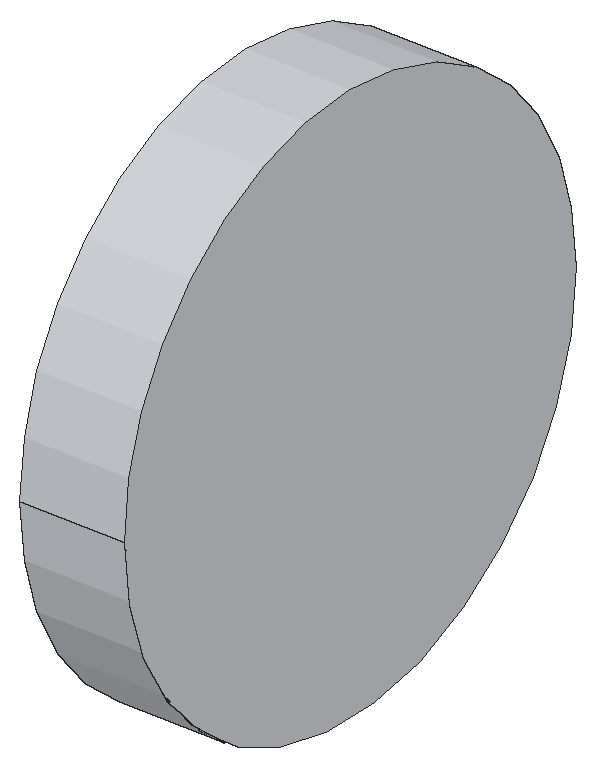
Revit family "M_Flange - Cega - Aço - Classe 1500", category Conexões de tubo, Revit 2019
Family settings
  Cota do conector redondo = Usar raio
  Tipo de parte = Cobertura
  Número OmniClass = 23.60.30.11.14
  Título OmniClass = Pipework Fittings
  ID de item do Seek = Flange - Blind - Steel - Class 1500-0000-CAN-ENU
  Com base no plano de trabalho = Não
  Sempre na vertical = Sim
  Corte com vazios quando carregada = Não
  Compartilhado = Não
Parameters (values of type "Padrão")
  Tamanho da marca de revisão [instance] = Diâmetro externo da flange * 0.4  # 48 mm
  Espessura da face elevada [instance] = 6.35 mm  # constant formula
  Raio da face elevada [instance] = Diâmetro da face elevada / 2  # 17.45 mm
  Diâmetro da face elevada [instance] = size_lookup(Nome da tabela de pesquisa, "RFD", 1.11 * Diâmetro nominal + 34.727 mm, Diâmetro nominal)  # 34.9 mm
  Raio nominal [instance] = 7.5 mm
  Diâmetro nominal [instance] = Raio nominal * 2  # 15 mm
  Método de perda = Não definido
  Nome da tabela de pesquisa = "M_Flange - Blind - Steel - Class 1500"
  Espessura do flange [instance] = size_lookup(Nome da tabela de pesquisa, "FThk", 0.31 * Diâmetro nominal + 23.713 mm, Diâmetro nominal)  # 22.3 mm
  Raio externo da flange [instance] = Diâmetro externo da flange / 2  # 60 mm
  Diâmetro externo da flange [instance] = size_lookup(Nome da tabela de pesquisa, "FOD", 1.77 * Diâmetro nominal + 119.856 mm, Diâmetro nominal)  # 120 mm
Reference planes
  plane 1 "Centro (Frente/Trás)": y = 0
  plane 2: z = 0
  plane 3 "Centro (Esquerda/Direita)": x = 0
  plane 4: x = 6.35
  plane 5: x = 28.65
  plane 6: y = 48
  plane 7: y = -48
Forms (mm)
  Extrusion 1, solid, detail levels fine
    sketch origin (0, 0, 0) x (0, 1, 0) y (0, 0, 1)
      loop
        circle (0, 0) r 17.45
    from 0 to 6.35
  Extrusion 2, solid, detail levels fine
    sketch origin (0, 0, 0) x (0, 1, 0) y (0, 0, 1)
      loop
        circle (0, 0) r 60
    from 6.35 to 28.65
Cuts and joins
  joined: Extrusion 1, Extrusion 2
Lines and regions (mm)
  model lines, detail levels coarse+medium
    curve 1: line (0, 48, 0) -> (0, -48, 0)
Dimensions and locks
  "Espessura da face elevada": plane 3 "Centro (Esquerda/Direita)" to plane 4
  "Espessura do flange": plane 4 to plane 5
  equal spacing: plane 6, plane 1 "Centro (Frente/Trás)", plane 7
  "Tamanho da marca de revisão": plane 6 to plane 1 "Centro (Frente/Trás)"
  "Raio da face elevada": radius of Extrusion 1 sketch curve
  "Raio externo da flange": radius of Extrusion 2 sketch curve
  aligned and locked: plane 6 to curve 1
  aligned and locked: plane 7 to curve 1
  aligned and locked: plane 1 "Centro (Frente/Trás)" to Extrusion 1 sketch curve
  aligned and locked: plane 2 to Extrusion 1 sketch curve
  aligned and locked: Extrusion 1 to plane 3 "Centro (Esquerda/Direita)"
  aligned and locked: plane 4 to Extrusion 1
  aligned and locked: plane 1 "Centro (Frente/Trás)" to Extrusion 2 sketch curve
  aligned and locked: plane 2 to Extrusion 2 sketch curve
  aligned and locked: Extrusion 2 to plane 4
  aligned and locked: plane 5 to Extrusion 2
Automatic sketch dimensions
  curve 1 to plane 6 = 0 mm
  curve 1 to plane 3 "Centro (Esquerda/Direita)" = 0 mm
  Extrusion 2 sketch curve to level = 0 mm
Connectors
  piping at (0, 0, 0), diameter 15, driven by "Raio nominal"
    settings: on cut or joined group of Extrusion 1, Extrusion 2, index 1, connector inside diameter 15 mm, connector length 0 mm, flow factor 0, pipe flow 0.0 L/s, pressure drop 0.0 Pa, fitting loss kfactor 0, connector angle 0.00°, fixture units 0, engagement length 0 mm, angle of deflection 0.00°, flow configuration 0, flow direction 0, fitting loss method 0, system type 28, joint type 0, gender type 0, connector reference index -1, connector utility 0, adjustable connector no, is connector primary yes, connector description ""
